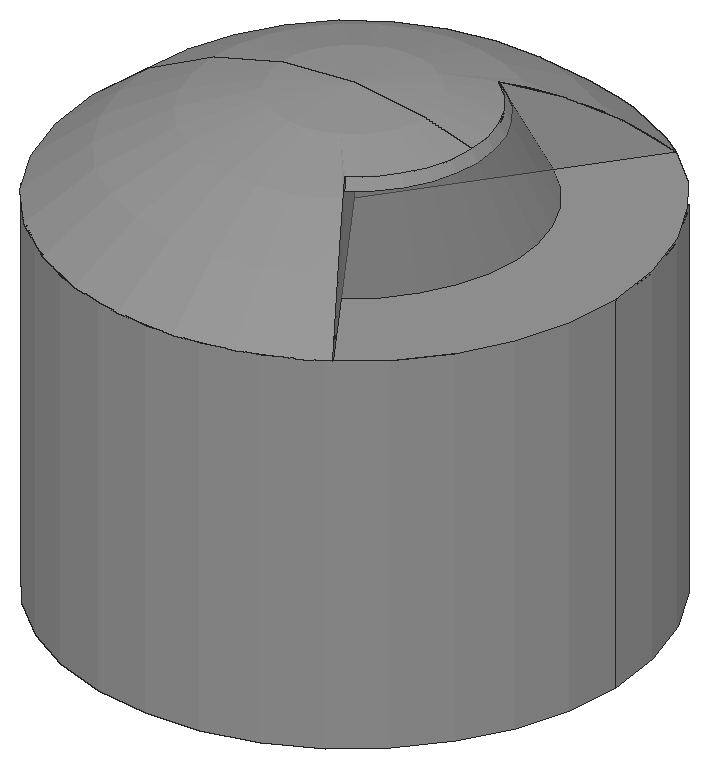
Revit family "4069406 Sylvania Lighting Fixture PATHE GROUND DECO MONO2 ELLIPTICAL 102LM LED 3K", category Lighting Fixtures, host Face, Revit 2016
Family settings
  Host = Face
  Part Type = Normal
  Round Connector Dimension = Use Diameter
  OmniClass Number = 23.80.70.00
  OmniClass Title = Lighting
  Cut with Voids When Loaded = No
  Light Source = No
  Shared = No
  Room Calculation Point = No
Parameters (values of type "4069406 PATHE/G/DM2 ELLIP 102LM LED 3K")
  Weight = "0.9 kg"
  Wattage Comments = ""
  WarrantyStartDate [instance] = "n/a"
  WarrantyGuarantorParts = "n/a"
  WarrantyDurationUnit = "n/a"
  WarrantyDurationParts = "n/a"
  WarrantyDescription = "n/a"
  Voltage = 0 V
  URL = "http://www.sylvania-lighting.com"
  TypeName = "PATHE/GROUND/DECO MONO2 ELLIPTICAL 102LM LED 3K"
  TypeLight_SYL = Pathe DM light : 4069406 PATHE/G/DM2 ELLIP 102LM LED 3K
  Type Image = <None>
  Type Comments = "n/a"
  SerialNumber [instance] = "n/a"
  RotationStart_SYL [instance] = if(BeamInclination22Deg_SYL, 22.00°, if(BeamInclination45Deg_SYL, 45.00°, 0.00°))  # 0.00°
  RotationEnd_SYL [instance] = RotationStart_SYL + 180.00°  # 180.00°
  Radius_SYL = 145 mm / 2  # 72.5 mm
  RadiusRef_SYL = 120 mm  # constant formula
  RadiusOpeningTop_SYL = 30 mm  # constant formula
  RadiusDome_SYL = 212 mm / 2  # 106 mm
  RadiusDiffuserBottom_SYL = 45 mm  # constant formula
  Offset_SYL = 0 mm
  Material_3_SYL = none
  PowerFactor = 0
  PowerConsumption = "4 W"
  NominalLength = 145 mm
  NominalHeight = 93 mm
  NominalDepth = 0 mm
  Name = "PATHE/GROUND/DECO MONO2 ELLIPTICAL 102LM LED 3K"
  ModelReference = Name  # "PATHE/GROUND/DECO MONO2 ELLIPTICAL 102LM LED 3K"
  ModelNumber = "4069406"
  Model = Name  # "PATHE/GROUND/DECO MONO2 ELLIPTICAL 102LM LED 3K"
  Material = "corrosion resistant die-cast aluminium housing, uv-resistant polycarbonate diffuser"
  ManufacturerName = "Feilo Sylvania"
  Manufacturer = "Feilo Sylvania"
  LuminousEfficacy = "25.5 lm/W"
  LuminaireType = ""
  LightOutputRatio = "100"
  LampsType = Lamp  # "LED"
  LampNominalLuminous = "102 lm"
  LampMacAdamStep = "n/a"
  LampColourTemperature = "3000 K"
  LampColourRenderingIndex = "80"
  Lamp = "LED"
  Keynote = "16500"
  InstallationDate [instance] = "n/a"
  InputVoltage = "n/a"
  InputNominalFrequency = "n/a"
  IngressProtection = "IP67"
  ImpactProtectionIndex = "IK10"
  IfcExportType = "IfcLightFixtureType"
  IfcExportAs = "IfcLightFixtureType"
  HieghtGround_SYL = 93 mm  # constant formula
  HeightDome_SYL = 32 mm  # constant formula
  ExpectedLife = 50000
  EmittionSurface_SYL = 40 mm  # constant formula
  ElectricShockClassification = "Class I"
  DurationUnit = "hours"
  DocumentationLiterature = "http://www.sylvania-lighting.com/product/en-int/products/4069406"
  DimmingControlOptions = "n/a"
  Material_2_SYL = PC-Sylvania-PatheDM-Glow
  Description = "Single emission recessed ground luminaire, Corrosion resistant die-cast aluminium, 102lm, 4W, 25lm/W, 3000K, CRI80+, 13°,40°, non dimmable, IP67, IK10, (ØxD) Ø145x125mm, 3 step MacAdam ellipse, 1.2kg, Class I, 220-240V, A++ A+ A"
  Default Elevation = 1219.2 mm
  CreatedOn = "9/26/2018"
  CreatedBy = "@sylvania-lighting.com"
  Cost = 0
  built-in parameter 1114216 [instance] = (empty or 0)
  ClassificationValue = "EF_70_80"
  ClassificationName = "Uniclass2015"
  Material_1_SYL = Aluminum 6061 T6 80 Hot Formed
  BeamInclination45Deg_SYL [instance] = no
  BeamInclination22Deg_SYL [instance] = no
  BarCode [instance] = "n/a"
  AssetType = "Fixed"
  AssetIdentifier [instance] = "n/a"
  Assembly Code = "D5020200"
  Apparent Load = 4 VA
  Material_4_SYL = none
  AngleOpening_SYL = 55.00°
  AngleOpeningMINUS_SYL = -AngleOpening_SYL  # -55.00°
Reference planes
  plane 1 "Center (Front/Back)": y = 0
  plane 2: z = 0
  plane 3 "Center (Left/Right)": x = 0
  plane 4: x = -72.5
  plane 5: z = 32
  plane 6: z = -93
  plane 7: z = -50.5
  plane 8: x = 45
  plane 9: x = 30
  plane 10: z = 24
  plane 11: x = 40
  plane 12: z = 14
Forms (mm)
  Revolve 1, void
    sketch origin (0, 0, 0) x (1, 0, 0) y (0, 0, 1)
      loop
        line (0, -93) -> (0, 0) -> (-72.5, 0) -> (-72.5, -93) -> (0, -93)
      axis (0, 0) -> (0, -93)
    angle from 360 to 0
  Revolve 2, solid, material "Aluminum 6061 T6 80 Hot Formed" <- "Material_1_SYL"
    sketch origin (0, 0, 0) x (1, 0, 0) y (0, 0, 1)
      loop
        arc (0, 32) -> (-38.982, 24.572) -> (-72.5, 3.329) r 106
        line (-72.5, 3.329) -> (-72.5, -93) -> (0, -93) -> (0, 32)
      axis (0, 32) -> (0, -93)
    angle from 360 to 0
  Blend 3, void
    base sketch origin (1223.4, -4572, 32) x (-1, 0, 0) y (0, -1, 0)
      loop
        arc (1206.193, -4596.575) -> (1193.4, -4572) -> (1206.193, -4547.425) r 30
        line (1206.193, -4547.425) -> (1154.571, -4473.702)
        arc (1154.571, -4473.702) -> (1103.4, -4572) -> (1154.571, -4670.298) r 120
        line (1154.571, -4670.298) -> (1206.193, -4596.575)
    top sketch origin (1223.4, -4572, 32) x (-1, 0, 0) y (0, -1, 0)
      loop
        line (1154.571, -4670.298) -> (1197.589, -4608.862)
        arc (1197.589, -4608.862) -> (1178.4, -4572) -> (1197.589, -4535.138) r 45
        line (1197.589, -4535.138) -> (1154.571, -4473.702)
        arc (1154.571, -4473.702) -> (1103.4, -4572) -> (1154.571, -4670.298) r 120
    from 0 to -28.671
  Revolve 4, void
    sketch origin (0, 0, 0) x (1, 0, 0) y (0, 0, 1)
      loop
        line (0, 24) -> (0, 3.329) -> (45, 3.329) -> (45, 24) -> (0, 24)
      axis (0, 24) -> (0, 3.329)
    angle from -55 <- "AngleOpeningMINUS_SYL" to 55 <- "AngleOpening_SYL"
  Revolve 5, solid, material "PC-Sylvania-PatheDM-Glow" <- "Material_2_SYL"
    sketch origin (0, 0, 0) x (1, 0, 0) y (0, 0, 1)
      loop
        line (0, 24) -> (0, 3.329) -> (45, 3.329) -> (34.185, 24) -> (0, 24)
      axis (0, 24) -> (0, 3.329)
    angle from -55 <- "AngleOpeningMINUS_SYL" to 55 <- "AngleOpening_SYL"
  Revolve 6, solid, not visible
    sketch origin (40, 1524, 1219.2) x (0, 1, 0) y (0, 0, 1)
      loop
        line (-1520, -1205.2) -> (-1520, -1202.402) -> (-1528, -1202.402) -> (-1528, -1205.2) -> (-1520, -1205.2)
      axis (-1520, -1205.2) -> (-1528, -1205.2)
    angle from 0 <- "RotationStart_SYL" to 180 <- "RotationEnd_SYL"
Cuts and joins
  Blend 3, Revolve 4 cuts Revolve 2
Lines and regions (mm)
  reference lines
    curve 1: circle (0, 0, -74) r 106 normal (0, -1, 0)
    curve 2: line (-72.5, 0, 3.329) -> (0, 0, 3.329)
    curve 3: circle (0, 0, 32) r 30 normal (0, 0, -1)
    curve 4: line (0, 0, 32) -> (34.415, 49.149, 32)
    curve 5: line (0, 0, 32) -> (34.415, -49.149, 32)
    curve 6: line (0, 0, 32) -> (40.15, 57.341, 32)
    curve 7: line (40.15, -57.341, 32) -> (0, 0, 32)
    curve 8: circle (0, 0, 32) r 45 normal (0, 0, -1)
    curve 9: line (30, 0, 32) -> (45, 0, 3.329)
    curve 10: line (40, -4, 1.596) -> (40, -4, 32)
    curve 11: line (40, 4, 32) -> (40, 4, 1.596)
    curve 12: circle (0, 0, 32) r 120 normal (0, 0, -1)
Dimensions and locks
  "Radius_SYL": plane 3 "Center (Left/Right)" to plane 4
  "HeightDome_SYL": plane 5 to plane 2
  "HieghtGround_SYL": plane 2 to plane 6
  "RadiusDome_SYL": plane 5 to curve 1
  "Offset_SYL": curve 6 to curve 4
  "Offset_SYL": curve 5 to curve 7
  "RadiusOpeningTop_SYL": plane 3 "Center (Left/Right)" to plane 9
  "RadiusDiffuserBottom_SYL": plane 3 "Center (Left/Right)" to plane 8
  locked: plane 5 to plane 10 at 8
  "EmittionSurface_SYL": plane 3 "Center (Left/Right)" to plane 11
  locked: plane 10 to plane 12 at 10
  curve 10 to plane 1 "Center (Front/Back)" to curve 11 = 4 mm locked, 4 mm locked
  "RadiusDome_SYL": radius of curve 1
  "RadiusOpeningTop_SYL": radius of curve 3
  "RadiusDiffuserBottom_SYL": radius of curve 8
  "RadiusRef_SYL": radius of curve 12
  "AngleOpening_SYL": angle plane 1 "Center (Front/Back)" to curve 4
  "AngleOpening_SYL": angle curve 5 to plane 1 "Center (Front/Back)"
  "AngleOpening_SYL": angle plane 1 "Center (Front/Back)" to curve 6
  "AngleOpening_SYL": angle curve 7 to plane 1 "Center (Front/Back)"
  aligned and locked: plane 2 to host face
  aligned and locked: level to host face
  aligned and locked: plane 3 "Center (Left/Right)" to curve 1
  aligned and locked: plane 3 "Center (Left/Right)" to curve 2
  aligned and locked: Revolve 1 sketch curve to plane 3 "Center (Left/Right)"  (x2)
  aligned and locked: Revolve 1 sketch curve to plane 6
  aligned and locked: Revolve 1 sketch curve to level
  aligned and locked: plane 4 to Revolve 1 sketch curve
  aligned and locked: Revolve 2 sketch curve to plane 3 "Center (Left/Right)"  (x2)
  aligned and locked: Revolve 2 sketch curve to curve 1
  aligned and locked: Revolve 2 sketch curve to plane 4
  aligned and locked: plane 3 "Center (Left/Right)" to curve 3
  aligned and locked: plane 1 "Center (Front/Back)" to curve 3
  aligned and locked: plane 3 "Center (Left/Right)" to curve 4
  aligned and locked: plane 1 "Center (Front/Back)" to curve 6
  aligned and locked: plane 3 "Center (Left/Right)" to curve 8
  aligned and locked: plane 1 "Center (Front/Back)" to curve 8
  aligned and locked: plane 5 to Blend 3
  aligned and locked: curve 2 to Blend 3
  aligned and locked: curve 9 to cut or joined group of Revolve 2, Blend 3, Revolve 4
  aligned and locked: plane 9 to curve 9
  aligned and locked: plane 5 to curve 9
  aligned and locked: plane 8 to curve 9
  aligned and locked: curve 2 to curve 9
  aligned and locked: Revolve 4 sketch curve to plane 3 "Center (Left/Right)"
  aligned and locked: Revolve 4 sketch curve to curve 2
  aligned and locked: plane 3 "Center (Left/Right)" to Revolve 4 sketch curve
  aligned and locked: Revolve 4 sketch curve to plane 8
  aligned and locked: plane 10 to Revolve 4 sketch curve
  aligned and locked: Revolve 5 sketch curve to plane 3 "Center (Left/Right)"
  aligned and locked: curve 9 to Revolve 5 sketch curve
  aligned and locked: Revolve 6 sketch curve to plane 12  (x2)
  aligned and locked: curve 11 to Revolve 6 sketch curve
  aligned and locked: curve 10 to Revolve 6 sketch curve
  aligned and locked: plane 6 to Revolve 2 sketch curve
  aligned and locked: plane 1 "Center (Front/Back)" to nested 1
  aligned and locked: plane 12 to nested 1
  aligned and locked: Blend 3 sketch curve to curve 12  (x2)
  aligned and locked: curve 6 to Blend 3 sketch curve
  aligned and locked: Blend 3 sketch curve to curve 7
  aligned and locked: Blend 3 sketch curve to curve 3
  aligned and locked: Revolve 5 to Blend 3 sketch curve  (x2)
  aligned and locked: Blend 3 sketch curve to curve 8
Automatic sketch dimensions
  host sketch curve to host sketch curve = 2438.4 mm  (x2)
  plane 6 to Revolve 1 sketch curve = 534.6 mm
  Revolve 1 sketch curve to plane 5 = 2589.058 mm
  plane 6 to Revolve 4 sketch curve = 534.6 mm
  Revolve 4 sketch curve to plane 5 = 2589.058 mm
  plane 6 to Revolve 5 sketch curve = 534.6 mm
  Revolve 5 sketch curve to plane 5 = 2589.058 mm
  curve 2 to plane 4 = 0 mm
  plane 5 to curve 11 = 0 mm
  plane 5 to curve 10 = 0 mm
  level to curve 10 = 1.596 mm
  level to curve 11 = 1.596 mm
  Revolve 6 sketch curve to Revolve 6 sketch curve = 2.798 mm
  Revolve 6 sketch curve to Revolve 6 sketch curve = 2550.941 mm
  Revolve 6 sketch curve to Revolve 6 sketch curve = 2093.409 mm
  plane 6 to Revolve 2 sketch curve = 534.6 mm
  Revolve 2 sketch curve to Revolve 2 sketch curve = 2589.058 mm
  curve 3 to curve 12 = 0 mm  (x2)
  Blend 3 sketch curve to Blend 3 sketch curve = 0 mm  (x2)
  Revolve 5 sketch curve to plane 3 "Center (Left/Right)" = 0 mm
  Revolve 5 sketch curve to plane 10 = 0 mm
  Revolve 5 sketch curve to plane 8 = 0 mm
Nested families
  nested 1: "Pathe DM light" at (40, 0, 14) x (0, 0, 1) z (1, 0, 0), type <- "TypeLight_SYL", type "4069406 PATHE/G/DM2 ELLIP 102LM LED 3K"
    with built-in parameter 1114216 (empty or 0)
Connectors
  electrical at (0, 0, 0), driven by "Apparent Load", driven by "PowerFactor", driven by "Voltage"
    settings: index 1, voltage 0 V, apparent load 4 VA, apparent load phase1 0 VA, apparent load phase2 0 VA, apparent load phase3 0 VA, power factor 0, load classification "Lighting", number of poles 1, system type 30, power factor state 1, is connector primary yes, connector utility no, sub classification motor no, connector description ""
Definition of nested family "Pathe DM light"
  Parameters (values of type "4069478 PATHE/G/DM3 ELLIP 320LM LED 4K")
    Wattage Comments = "n/a"
    Wattage = 11 W
    built-in parameter 1150110 = 1 (stored number, unit not read)
    URL = "http://www.sylvania-lighting.com"
    Type Image = (empty or 0)
    Type Comments = "n/a"
    built-in parameter 1114217 = 1 (stored number, unit not read)
    Tilt Angle = -90.00°
    built-in parameter 1150109 = 1 (stored number, unit not read)
    built-in parameter 1150134 = 12
    built-in parameter 1150113 = 1 (stored number, unit not read)
    RadiusTop_SYL = 463.25 mm
    RadiusSide_SYL = 88.395 mm
    RadiusLensCircle_SYL = 25.5 mm
    Photometric Web File = "Pathe Ground DM.ies"
    built-in parameter 1150142 = "IESNA:LM-63-2002\r\n[TEST] \"\"\r\n[TESTLAB] FEILO SYLVANIA Lighting EULUMDAT\r\n[TESTDATE] 26 Oct 2017\r\n[ISSUEDATE] 26 Oct 2017\r\n[MANUFAC] FEILO SYLVANIA Lighting EULUMDAT\r\n[LUMCAT] 0027954\r\n[LUMINAIRE] RefLED Superia v3 MR16 Dimmable 450lm 840 25°\r\n[FLASHAREA] 0.000195\r\n[LAMPCAT] RefLED Superia v3 MR16 Dimmable 450lm 840 25°\r\n[LAMP] RefLED Superia v3 MR16 Dimmable 450lm 840 25°\r\nTILT=NONE\r\n1 500.00 1.0 67 1 1 2 -0.032 -0.032 0.000\r\n1.00 1.00 5.00\r\n0.00 0.50 1.00 1.50 2.00 2.50 3.00 3.50 4.00 4.50 5.00 \r\n6.00 7.00 8.00 9.00 10.00 11.00 12.00 13.00 14.00 15.00 \r\n16.00 17.00 18.00 19.00 20.00 21.00 22.00 23.00 24.00 \r\n25.00 26.00 27.00 28.00 29.00 30.00 32.00 34.00 36.00 \r\n38.00 40.00 42.00 44.00 45.00 46.00 48.00 50.00 52.00 \r\n54.00 56.00 58.00 60.00 62.00 64.00 66.00 68.00 70.00 \r\n72.00 74.00 76.00 78.00 80.00 82.00 84.00 86.00 88.00 \r\n90.00 \r\n0.00 \r\n952.00 950.00 948.50 945.00 940.00 932.00 923.00 911.00 \r\n898.00 881.00 860.50 800.50 740.00 692.50 642.50 587.00 \r\n533.00 481.50 432.00 382.50 334.00 288.50 250.00 212.00 \r\n181.50 156.00 134.00 117.50 103.50 92.00 82.50 74.00 \r\n67.50 60.50 55.00 49.75 41.20 34.30 28.55 24.25 20.95 \r\n18.20 16.00 15.15 14.35 12.70 11.45 10.45 9.50 8.40 7.60 \r\n6.75 5.95 3.45 1.50 0.70 0.55 0.55 0.55 0.70 0.70 0.70 \r\n0.70 0.70 0.70 0.70 0.70 \r\n"
    Model = "PATHE/GROUND/DECO MONO3 ELLIPTICAL 320LM LED 4K"
    Manufacturer = "Feilo Sylvania"
    built-in parameter 1150105 = 609.28 (stored number, unit not read)
    Lumens = 320 lm
    built-in parameter 1150115 = 1 (stored number, unit not read)
    built-in parameter 1150137 = (empty or 0)
    built-in parameter 1150139 = (empty or 0)
    built-in parameter 1150112 = 1 (stored number, unit not read)
    built-in parameter 1150114 = 1 (stored number, unit not read)
    Lamp = "LED"
    Keynote = "16500"
    built-in parameter 1150132 = (empty or 0)
    built-in parameter 1150102 = (empty or 0)
    built-in parameter 1150107 = 4000 (stored number, unit not read)
    built-in parameter 1150138 = (empty or 0)
    built-in parameter 1150106 = 6.0928 (stored number, unit not read)
    built-in parameter 1150104 = 2.7026 (stored number, unit not read)
    Dimming Lamp Color Temperature Shift = (empty or 0)
    Description = "Single emission recessed ground luminaire, Corrosion resistant die-cast aluminium, 320lm, 11W, 29lm/W, 4000K, CRI80+, 13°,40°, non dimmable, IP67, IK10, (ØxD) Ø215x245mm, 3, Class I, 220-240V, A++ A+ A"
    Default Elevation = 1219.2 mm
    Cost = 0
    Color Filter = 16777215
    built-in parameter 1114216 [instance] = (empty or 0)
    built-in parameter 1114218 = 1 (stored number, unit not read)
    built-in parameter 1150133 = 10 (stored number, unit not read)
    Assembly Code = "D5020200"
    Apparent Load = 11 VA
  Types (12, lengths in mm): name | Wattage | built-in parameter 1150134 | Model | built-in parameter 1150105 | Lumens | built-in parameter 1150107 | built-in parameter 1150106 | built-in parameter 1150104 | Description | Apparent Load
    4069478 PATHE/G/DM3 ELLIP 320LM LED 4K | 11 W | 12 | "PATHE/GROUND/DECO MONO3 ELLIPTICAL 320LM LED 4K" | 609.28 (stored number, unit not read) | 320 lm | 4000 (stored number, unit not read) | 6.0928 (stored number, unit not read) | 2.7026 (stored number, unit not read) | "Single emission recessed ground luminaire, Corrosion resistant die-cast aluminium, 320lm, 11W, 29lm/W, 4000K, CRI80+, 13°,40°, non dimmable, IP67, IK10, (ØxD) Ø215x245mm, 3, Class I, 220-240V, A++ A+ A" | 11 VA
    4069477 PATHE/G/DM1 ELLIP 51LM LED 4K | 1.5 W | 12 | "PATHE/GROUND/DECO MONO1 ELLIPTICAL 51LM LED 4K" | 97.104 (stored number, unit not read) | 51 lm | 4000 (stored number, unit not read) | 0.97104 (stored number, unit not read) | 3.1587 (stored number, unit not read) | "Single emission recessed ground luminaire, Corrosion resistant die-cast aluminium, 51lm, 1.5W, 34lm/W, 4000K, CRI80+, 13°,40°, non dimmable, IP67, IK10, (ØxD) Ø95x95mm, 3 step MacAdam ellipse, 1.2kg, Class I, 220-240V, A++ A+ A" | 1.5 VA
    4069413 PATHE/G/DM3 NAR 323LM LED 3K | 11 W | (empty or 0) | "PATHE/GROUND/DECO MONO3 NARROW 323LM LED 3K" | 614.99 (stored number, unit not read) | 323 lm | 3000 (stored number, unit not read) | 6.1499 (stored number, unit not read) | 2.728 (stored number, unit not read) | "Single emission recessed ground luminaire, Corrosion resistant die-cast aluminium, 323lm, 11W, 29lm/W, 3000K, CRI80+, 10°, non dimmable, IP67, IK10,  (ØxD) Ø215x245mm, 3 step MacAdam ellipse, Class I, 220-240V, A++ A+ A" | 11 VA
    4069412 PATHE/G/DM3 ELLIP 302LM LED 3K | 11 W | (empty or 0) | "PATHE/GROUND/DECO MONO3 ELLIPTICAL 302LM LED 3K" | 575.01 (stored number, unit not read) | 302 lm | 3000 (stored number, unit not read) | 5.7501 (stored number, unit not read) | 2.5506 (stored number, unit not read) | "Single emission recessed ground luminaire, Corrosion resistant die-cast aluminium, 302lm, 11W, 27lm/W, 3000K, CRI80+, 13°,40°, non dimmable, IP67, IK10, (ØxD) Ø215x245mm, 3 step MacAdam ellipse, Class I, 220-240V, A++ A+ A" | 11 VA
    4069411 PATHE/G/DM3 NAR 342LM LED 4K | 11 W | 12 | "PATHE/GROUND/DECO MONO3 NARROW 342LM LED 4K" | 651.17 (stored number, unit not read) | 342 lm | 4000 (stored number, unit not read) | 6.5117 (stored number, unit not read) | 2.8884 (stored number, unit not read) | "Single emission recessed ground luminaire, Corrosion resistant die-cast aluminium, 342lm, 11W, 31lm/W, 4000K, CRI80+, 10°, non dimmable, IP67, IK10, (ØxD) Ø215x245mm, 3 step MacAdam ellipse, Class I, 220-240V, A++ A+ A" | 11 VA
    4069407 PATHE/G/DM2 NAR 98LM LED 3K | 4 W | (empty or 0) | "PATHE/GROUND/DECO MONO2 NARROW 98LM LED 3K" | 186.59 (stored number, unit not read) | 98 lm | 3000 (stored number, unit not read) | 1.8659 (stored number, unit not read) | 2.2761 (stored number, unit not read) | "Single emission recessed ground luminaire, Corrosion resistant die-cast aluminium, 98lm, 4W, 24lm/W, 3000K, CRI80+, 10°, non dimmable, IP67, IK10, (ØxD) Ø145x125mm, 3 step MacAdam ellipse, 1.2kg, Class I, 220-240V, A++ A+ A" | 4 VA
    4069406 PATHE/G/DM2 ELLIP 102LM LED 3K | 4 W | (empty or 0) | "PATHE/GROUND/DECO MONO2 ELLIPTICAL 102LM LED 3K" | 194.21 (stored number, unit not read) | 102 lm | 3000 (stored number, unit not read) | 1.9421 (stored number, unit not read) | 2.369 (stored number, unit not read) | "Single emission recessed ground luminaire, Corrosion resistant die-cast aluminium, 102lm, 4W, 25lm/W, 3000K, CRI80+, 13°,40°, non dimmable, IP67, IK10, (ØxD) Ø145x125mm, 3 step MacAdam ellipse, 1.2kg, Class I, 220-240V, A++ A+ A" | 4 VA
    4069405 PATHE/G/DM2 NAR 104LM LED 4K | 4 W | 12 | "PATHE/GROUND/DECO MONO2 NARROW 104LM LED 4K" | 198.02 (stored number, unit not read) | 104 lm | 4000 (stored number, unit not read) | 1.9802 (stored number, unit not read) | 2.4155 (stored number, unit not read) | "Single emission recessed ground luminaire, Corrosion resistant die-cast aluminium, 104lm, 4W, 26lm/W, 4000K, CRI80+, 10°, non dimmable, IP67, IK10, (ØxD) Ø145x125mm, 3 step MacAdam ellipse, 1.2kg, Class I, 220-240V, A++ A+ A" | 4 VA
    4069404 PATHE/G/DM2 ELLIP 108LM LED 4K | 4 W | 12 | "PATHE/GROUND/DECO MONO2 ELLIPTICAL 108LM LED 4K" | 205.63 (stored number, unit not read) | 108 lm | 4000 (stored number, unit not read) | 2.0563 (stored number, unit not read) | 2.5084 (stored number, unit not read) | "Single emission recessed ground luminaire, Corrosion resistant die-cast aluminium, 108lm, 4W, 27lm/W, 4000K, CRI80+, 13°,40°, non dimmable, IP67, IK10, (ØxD) Ø145x125mm, 3 step MacAdam ellipse, 1.2kg, Class I, 220-240V, A++ A+ A" | 4 VA
    4069403 PATHE/G/DM1 NAR 54LM LED 3K | 1.5 W | (empty or 0) | "PATHE/GROUND/DECO MONO1 NARROW 54LM LED 3K" | 102.82 (stored number, unit not read) | 54 lm | 3000 (stored number, unit not read) | 1.0282 (stored number, unit not read) | 3.3445 (stored number, unit not read) | "Single emission recessed ground luminaire, Corrosion resistant die-cast aluminium, 54lm, 1.5W, 36lm/W, 3000K, CRI80+, 10°, non dimmable, IP67, IK10, (ØxD) Ø95x95mm, 3 step MacAdam ellipse, Class I, 220-240V, A++ A+ A" | 1.5 VA
    4069402 PATHE/G/DM1 ELLIP 49LM LED 3K | 1.5 W | (empty or 0) | "PATHE/GROUND/DECO MONO1 ELLIPTICAL 49LM LED 3K" | 93.296 (stored number, unit not read) | 49 lm | 3000 (stored number, unit not read) | 0.93296 (stored number, unit not read) | 3.0348 (stored number, unit not read) | "Single emission recessed ground luminaire, Corrosion resistant die-cast aluminium, 49lm, 1.5W, 33lm/W, 3000K, CRI80+, 13°,40°, non dimmable, IP67, IK10, (ØxD) Ø95x95mm, 3 step MacAdam ellipse, 1.2kg, Class I, 220-240V, A++ A+ A" | 1.5 VA
    4069401 PATHE/G/DM1 NAR 57LM LED 4K | 1.5 W | 12 | "PATHE/GROUND/DECO MONO1 NARROW 57LM LED 4K" | 108.53 (stored number, unit not read) | 57 lm | 4000 (stored number, unit not read) | 1.0853 (stored number, unit not read) | 3.5303 (stored number, unit not read) | "Single emission recessed ground luminaire, Corrosion resistant die-cast aluminium, 57lm, 1.5W, 38lm/W, 4000K, CRI80+, 10°, non dimmable, IP67, IK10, (ØxD) Ø95x95mm, 3 step MacAdam ellipse, Class I, 220-240V, A++ A+ A" | 1.5 VA
  Reference planes
    plane 1 "Center (Front/Back)": y = 0
    plane 2: z = 0
    plane 3 "Center (Left/Right)": x = 0
  Forms (mm)
    Extrusion 1, solid
      sketch origin (4.2, 0, 0) x (1, 0, 0) y (0, 1, 0)
        loop
          line (-1219.2, 1219.2) -> (-1219.2, -1219.2) -> (1219.2, -1219.2) -> (1219.2, 1219.2) -> (-1219.2, 1219.2)
      from 0 to -68.017
  Dimensions and locks
    aligned and locked: plane 2 to Extrusion 1
    aligned and locked: level to Extrusion 1
    aligned and locked: plane 3 "Center (Left/Right)" to imposter light
    aligned and locked: imposter light to plane 1 "Center (Front/Back)"
    aligned and locked: plane 2 to imposter light
